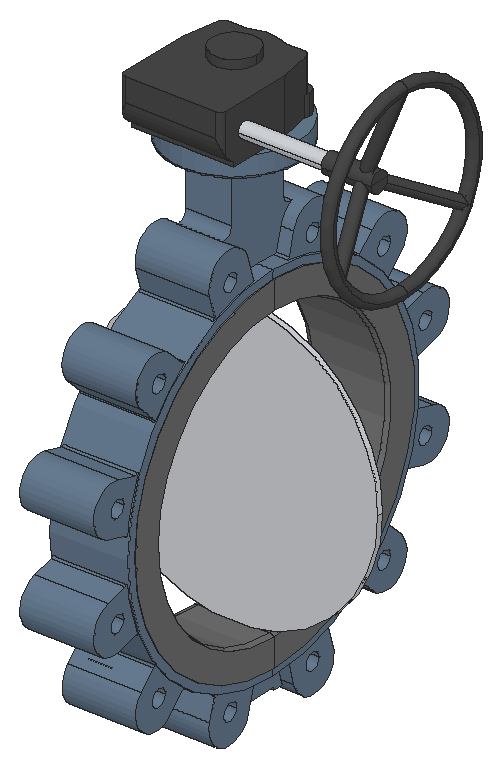
Revit family "Запорно-регулирующая заслонка с ручным редукторным приводом AF-4219", category Rohrzubehör, Revit 2018 (continued)
Definition of nested family "Getriebe für Klappe DN50-DN200"
  Dimensions and locks
    "R06": radius of Revolve 6 sketch curve
    "W01": angle Extrusion 1 sketch curve to Extrusion 1 sketch curve  (x2)
    aligned and locked: level to plane 2
  Automatic sketch dimensions
    Extrusion 3 sketch curve to level = 0 mm
    plane 1 "Mitte (Vorne/hinten)" to Extrusion 3 sketch curve = 80 mm
    Extrusion 3 sketch curve to Extrusion 3 sketch curve = 15.427 mm
    Extrusion 3 sketch curve to Extrusion 3 sketch curve = 13.173 mm
    level to Extrusion 3 sketch curve = 4.9 mm
    plane 1 "Mitte (Vorne/hinten)" to Extrusion 5 sketch curve = 0 mm
    Extrusion 5 sketch curve to plane 3 "Mitte (Links/rechts)" = 0 mm
    level to Revolve 7 sketch curve = 28.6 mm  (x2)
    plane 3 "Mitte (Links/rechts)" to Revolve 7 sketch curve = 172 mm
    level to Revolve 7 sketch curve = 26.361 mm
    Revolve 7 sketch curve to Revolve 7 sketch curve = 5.567 mm
    level to Revolve 7 sketch curve = 120.6 mm
    Revolve 7 sketch curve to Revolve 7 sketch curve = 0 mm  (x3)
    plane 3 "Mitte (Links/rechts)" to Revolve 10 sketch curve = 172 mm
    Revolve 10 sketch curve to Revolve 10 sketch curve = 5.567 mm
    Revolve 10 sketch curve to Revolve 10 sketch curve = 37 mm
    Revolve 10 sketch curve to Revolve 10 sketch curve = 2.239 mm
    Revolve 10 sketch curve to Revolve 10 sketch curve = 0 mm  (x4)
    plane 3 "Mitte (Links/rechts)" to Revolve 9 sketch curve = 172 mm
    Revolve 9 sketch curve to Revolve 9 sketch curve = 5.567 mm
    Revolve 9 sketch curve to Revolve 9 sketch curve = 37 mm
    Revolve 9 sketch curve to Revolve 9 sketch curve = 2.239 mm
    Revolve 9 sketch curve to Revolve 9 sketch curve = 0 mm  (x4)
    Extrusion 1 sketch curve to plane 3 "Mitte (Links/rechts)" = 0 mm
    plane 1 "Mitte (Vorne/hinten)" to Extrusion 1 sketch curve = 0 mm  (x2)
    Extrusion 1 sketch curve to plane 1 "Mitte (Vorne/hinten)" = 35.392 mm
    Extrusion 1 sketch curve to Extrusion 1 sketch curve = 18.48 mm  (x2)
    Extrusion 2 sketch curve to plane 3 "Mitte (Links/rechts)" = 35.7 mm
    plane 3 "Mitte (Links/rechts)" to Extrusion 2 sketch curve = 35.7 mm
    Revolve 4 sketch curve to plane 3 "Mitte (Links/rechts)" = 0 mm  (x2)
    Revolve 4 sketch curve to Revolve 4 sketch curve = 0 mm  (x2)
    Revolve 6 sketch curve to plane 3 "Mitte (Links/rechts)" = 1506.53 mm
    Revolve 6 sketch curve to Revolve 6 sketch curve = 1630.148 mm
    Revolve 8 sketch curve to Revolve 8 sketch curve = 7.5 mm
    Revolve 8 sketch curve to Revolve 8 sketch curve = 0 mm  (x2)
    radius of Extrusion 5 sketch curve = 22.3 mm
Definition of nested family "Getriebe für Klappe DN250-DN300"
  Parameters (values of type "Getriebe für Klappe DN250-DN300")
    W01 = 11.19°  # constant formula
    URL = "www.herz-armaturen.at"
    R07 = 92 mm  # constant formula
    R06 = 6 mm  # constant formula
    R05 = 10 mm  # constant formula
    R04 = 7.5 mm  # constant formula
    R03 = 10.5 mm  # constant formula
    R02 = 5.4 mm  # constant formula
    R01 = 44.9 mm  # constant formula
    M01 = 37 mm  # constant formula
    L03 = 52 mm  # constant formula
    L02 = 39.6 mm  # constant formula
    L01 = 80 mm  # constant formula
    Manufacturer = "Herz-Armaturen GmbH"  # constant formula
    H03 = 28.6 mm  # constant formula
    H02 = 20 mm  # constant formula
    H01 = 54 mm  # constant formula
    B05 = 209 mm  # constant formula
    B04 = 22 mm  # constant formula
    B03 = 50 mm  # constant formula
    B02 = 159 mm  # constant formula
    B01 = 51 mm  # constant formula
    A01 = 28.6 mm  # constant formula
  Reference planes
    plane 1 "Mitte (Vorne/hinten)": y = 0
    plane 2: z = 0
    plane 3 "Mitte (Links/rechts)": x = 0
  Forms (mm)
    Extrusion 1, solid, detail levels fine
      sketch origin (0, 0, 0) x (1, 0, 0) y (0, 1, 0)
        loop
          line (51, 0) -> (43.999, 35.392)
          arc (43.999, 35.392) -> (42.103, 38.419) -> (38.732, 39.6) r 5.4
          line (38.732, 39.6) -> (20.252, 39.6)
          arc (20.252, 39.6) -> (0, 44.427) -> (-20.252, 39.6) r 44.9
          line (-20.252, 39.6) -> (-38.732, 39.6)
          arc (-38.732, 39.6) -> (-42.103, 38.419) -> (-43.999, 35.392) r 5.4
          line (-43.999, 35.392) -> (-51, 0) -> (-51, -74.6)
          arc (-51, -74.6) -> (-49.418, -78.418) -> (-45.6, -80) r 5.4
          line (-45.6, -80) -> (45.6, -80)
          arc (45.6, -80) -> (49.418, -78.418) -> (51, -74.6) r 5.4
          line (51, -74.6) -> (51, 0)
      from 0 to 54
    Extrusion 2, solid, detail levels fine
      sketch origin (0, 0, 0) x (1, 0, 0) y (0, 1, 0)
        loop
          circle (-35.7, 37) r 10.5
        loop
          circle (35.7, 37) r 10.5
      from 0 to 20
    Extrusion 3, void
      sketch origin (0, 0, 0) x (0, 1, 0) y (0, 0, 1)
        loop
          line (-80, 0) -> (-64.573, 0) -> (-64.573, 4.9)
          arc (-64.573, 4.9) -> (-75.841, 15.433) -> (-80, 30.286) r 28.6
          line (-80, 30.286) -> (-80, 0)
      from -51 to 51
    Revolve 4, solid, detail levels fine
      sketch origin (0, 0, 28.6) x (1, 0, 0) y (0, 1, 0)
        loop
          line (0, -52) -> (0, -59.5) -> (159, -59.5) -> (159, -52) -> (0, -52)
        axis (0, -52) -> (159, -52)
      angle from 0 to 360
    Extrusion 5, solid, detail levels fine
      sketch origin (0, 0, 0) x (1, 0, 0) y (0, 1, 0)
        loop
          circle (0, 0) r 22.3
      from 54 to 62.5
    Revolve 6, solid, detail levels fine
      sketch origin (0, -52, 28.6) x (1, 0, 0) y (0, 0, 1)
        loop
          circle (209, 92) r 6
        axis (203, 0) -> (215, 0)
      angle from 0 to 360
    Revolve 7, solid, detail levels fine
      sketch origin (0, -52, 0) x (1, 0, 0) y (0, 0, 1)
        loop
          line (209, 120.6) -> (172, 28.6) -> (177.567, 26.361) -> (214.567, 118.361) -> (209, 120.6)
        axis (172, 28.6) -> (209, 120.6)
      angle from 0 to 360
    Revolve 8, solid, detail levels fine
      sketch origin (0, 0, 28.6) x (1, 0, 0) y (0, 1, 0)
        loop
          line (137, -59.5) -> (137, -62) -> (187, -62) -> (187, -52) -> (159, -52) -> (159, -59.5) -> (137, -59.5)
        axis (137, -52) -> (187, -52)
      angle from 0 to 360
    Revolve 9, solid, detail levels fine
      sketch origin (0, -27.232, 42.9) x (1, 0, 0) y (0, -0.866025, -0.5)
        loop
          line (209, 120.6) -> (172, 28.6) -> (177.567, 26.361) -> (214.567, 118.361) -> (209, 120.6)
        axis (172, 28.6) -> (209, 120.6)
      angle from 0 to 360
    Revolve 10, solid, detail levels fine
      sketch origin (0, -76.768, 42.9) x (1, 0, 0) y (0, 0.866025, -0.5)
        loop
          line (209, 120.6) -> (172, 28.6) -> (177.567, 26.361) -> (214.567, 118.361) -> (209, 120.6)
        axis (172, 28.6) -> (209, 120.6)
      angle from 0 to 360
  Cuts and joins
    Extrusion 3 cuts Extrusion 1
  Dimensions and locks
    "B01": Extrusion 1 sketch curve to plane 3 "Mitte (Links/rechts)"
    "B01": plane 3 "Mitte (Links/rechts)" to Extrusion 1 sketch curve
    "L02": plane 1 "Mitte (Vorne/hinten)" to Extrusion 1 sketch curve  (x2)
    "L01": Extrusion 1 sketch curve to plane 1 "Mitte (Vorne/hinten)"
    "M01": plane 1 "Mitte (Vorne/hinten)" to Extrusion 2 sketch curve  (x2)
    "H01": Extrusion 1 to plane 2
    "H02": Extrusion 2 to plane 2
    "L03": Revolve 4 sketch curve to plane 1 "Mitte (Vorne/hinten)"
    "R04": Revolve 4 sketch curve to Revolve 4 sketch curve
    "B02": Revolve 4 sketch curve to Revolve 4 sketch curve
    "H03": Revolve 8 to plane 2
    "H03": Revolve 4 to plane 2
    "L03": Revolve 8 sketch curve to plane 1 "Mitte (Vorne/hinten)"
    "B02": plane 3 "Mitte (Links/rechts)" to Revolve 8 sketch curve
    "R05": Revolve 8 sketch curve to Revolve 8 sketch curve
    "B03": Revolve 8 sketch curve to Revolve 8 sketch curve
    "B04": Revolve 8 sketch curve to Revolve 8 sketch curve
    "R04": Revolve 8 sketch curve to Revolve 8 sketch curve
    "B05": Revolve 6 sketch curve to plane 3 "Mitte (Links/rechts)"
    "R07": Revolve 6 sketch curve to Revolve 6 sketch curve
    "A01": plane 2 to Revolve 6 sketch curve
    "R02": radius of Extrusion 1 sketch curve  (x4)
    "R01": radius of Extrusion 1 sketch curve
    "R03": radius of Extrusion 2 sketch curve  (x2)
    "R06": radius of Revolve 6 sketch curve
    "W01": angle Extrusion 1 sketch curve to Extrusion 1 sketch curve  (x2)
    aligned and locked: level to plane 2
  Automatic sketch dimensions
    Extrusion 3 sketch curve to level = 0 mm
    plane 1 "Mitte (Vorne/hinten)" to Extrusion 3 sketch curve = 80 mm
    Extrusion 3 sketch curve to Extrusion 3 sketch curve = 15.427 mm
    Extrusion 3 sketch curve to Extrusion 3 sketch curve = 13.173 mm
    level to Extrusion 3 sketch curve = 4.9 mm
    plane 1 "Mitte (Vorne/hinten)" to Extrusion 5 sketch curve = 0 mm
    Extrusion 5 sketch curve to plane 3 "Mitte (Links/rechts)" = 0 mm
    level to Revolve 7 sketch curve = 28.6 mm  (x2)
    plane 3 "Mitte (Links/rechts)" to Revolve 7 sketch curve = 172 mm
    level to Revolve 7 sketch curve = 26.361 mm
    Revolve 7 sketch curve to Revolve 7 sketch curve = 5.567 mm
    level to Revolve 7 sketch curve = 120.6 mm
    Revolve 7 sketch curve to Revolve 7 sketch curve = 0 mm  (x3)
    plane 3 "Mitte (Links/rechts)" to Revolve 10 sketch curve = 172 mm
    Revolve 10 sketch curve to Revolve 10 sketch curve = 5.567 mm
    Revolve 10 sketch curve to Revolve 10 sketch curve = 37 mm
    Revolve 10 sketch curve to Revolve 10 sketch curve = 2.239 mm
    Revolve 10 sketch curve to Revolve 10 sketch curve = 0 mm  (x4)
    plane 3 "Mitte (Links/rechts)" to Revolve 9 sketch curve = 172 mm
    Revolve 9 sketch curve to Revolve 9 sketch curve = 5.567 mm
    Revolve 9 sketch curve to Revolve 9 sketch curve = 37 mm
    Revolve 9 sketch curve to Revolve 9 sketch curve = 2.239 mm
    Revolve 9 sketch curve to Revolve 9 sketch curve = 0 mm  (x4)
    Extrusion 1 sketch curve to plane 3 "Mitte (Links/rechts)" = 0 mm
    plane 1 "Mitte (Vorne/hinten)" to Extrusion 1 sketch curve = 0 mm  (x2)
    Extrusion 1 sketch curve to plane 1 "Mitte (Vorne/hinten)" = 35.392 mm
    Extrusion 1 sketch curve to Extrusion 1 sketch curve = 18.48 mm  (x2)
    Extrusion 2 sketch curve to plane 3 "Mitte (Links/rechts)" = 35.7 mm
    plane 3 "Mitte (Links/rechts)" to Extrusion 2 sketch curve = 35.7 mm
    Revolve 4 sketch curve to plane 3 "Mitte (Links/rechts)" = 0 mm  (x2)
    Revolve 4 sketch curve to Revolve 4 sketch curve = 0 mm  (x2)
    Revolve 6 sketch curve to plane 3 "Mitte (Links/rechts)" = 1506.53 mm
    Revolve 6 sketch curve to Revolve 6 sketch curve = 1630.148 mm
    Revolve 8 sketch curve to Revolve 8 sketch curve = 7.5 mm
    Revolve 8 sketch curve to Revolve 8 sketch curve = 0 mm  (x2)
    radius of Extrusion 5 sketch curve = 22.3 mm
